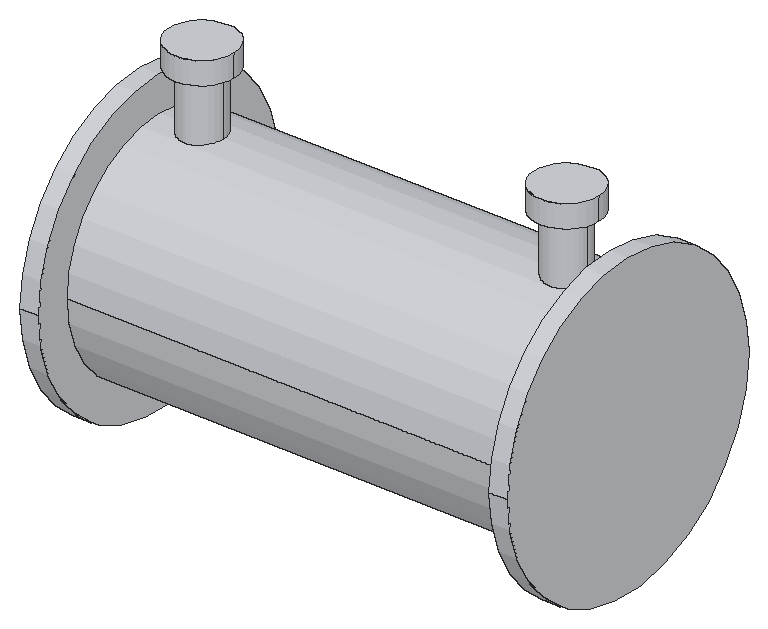
Revit family "M_Conexão de conduíte - Parafuso - Zinco fundido", category Conexões do conduite, Revit 2019
Family settings
  Cota do conector redondo = Usar raio
  Tipo de parte = União
  Número OmniClass = 23.80.30.17.11
  Título OmniClass = Conduits
  ID de item do Seek = Conduit Coupling - Set Screw - Die Cast Zinc-0000-CAN-ENU
  Com base no plano de trabalho = Não
  Sempre na vertical = Sim
  Corte com vazios quando carregada = Não
  Compartilhado = Não
Parameters (values of type "Padrão")
  Raio 2 [instance] = 0.75 * Comprimento 1  # 2.551 mm
  Raio 1 [instance] = 0.5 * Comprimento 1  # 1.701 mm
  Raio nominal [instance] = 8 mm
  Diâmetro nominal [instance] = Raio nominal * 2  # 16 mm
  Comprimento 3 [instance] = 1.3 * Raio externo final  # 15.478 mm
  Comprimento 2 [instance] = 0.15 * Raio externo final  # 1.786 mm
  Comprimento 1 [instance] = Diâmetro externo final / 7  # 3.402 mm
  Espessura final [instance] = Diâmetro externo final * 0.06  # 1.429 mm
  Raio externo final [instance] = Diâmetro externo final / 2  # 11.906 mm
  Diâmetro externo final [instance] = size_lookup(Pesquisa de tamanho de conduite, "EOD", 1.22 * Diâmetro nominal + 6.35 mm, Diâmetro nominal)  # 23.813 mm
  Raio externo da conexão [instance] = Diâmetro externo da conexão / 2  # 9.128 mm
  Diâmetro externo da conexão [instance] = size_lookup(Pesquisa de tamanho de conduite, "FOD", 1.11 * Diâmetro nominal + 2.58 mm, Diâmetro nominal)  # 18.256 mm
  Comprimento [instance] = size_lookup(Pesquisa de tamanho de conduite, "Lgt", 1.15 * Diâmetro nominal + 26.69 mm, Diâmetro nominal)  # 38.497 mm
  Pesquisa de tamanho de conduite = "M_Conduit Coupling - Set Screw - Die Cast Zinc"
Reference planes
  plane 1 "Centro (Frente/Trás)": y = 0
  plane 2: z = 0
  plane 3 "Centro (Esquerda/Direita)": x = 0
  plane 4: x = 38.497
  plane 5: x = 19.248
  plane 6: x = 1.429
  plane 7: x = 37.068
  plane 8: z = 15.478
  plane 9: z = 13.692
  plane 10: x = 4.831
  plane 11: x = 33.666
Forms (mm)
  Extrusion 1, solid, detail levels fine
    sketch origin (0, 0, 0) x (1, 0, 0) y (0, 1, 0)
      loop
        circle (4.831, 0) r 1.701
      loop
        circle (33.666, 0) r 1.701
    from 0 to 13.692
  Extrusion 2, solid, detail levels fine
    sketch origin (0, 0, 0) x (1, 0, 0) y (0, 1, 0)
      loop
        circle (4.831, 0) r 2.551
      loop
        circle (33.666, 0) r 2.551
    from 13.692 to 15.478
  Extrusion 3, solid, detail levels fine
    sketch origin (0, 0, 0) x (0, 1, 0) y (0, 0, 1)
      loop
        circle (0, 0) r 11.906
    from 0 to 1.429
  Extrusion 4, solid, detail levels fine
    sketch origin (0, 0, 0) x (0, 1, 0) y (0, 0, 1)
      loop
        circle (0, 0) r 11.906
    from 37.068 to 38.497
  Extrusion 5, solid, detail levels fine
    sketch origin (0, 0, 0) x (0, 1, 0) y (0, 0, 1)
      loop
        circle (0, 0) r 9.128
    from 1.429 to 37.068
Cuts and joins
  joined: Extrusion 1, Extrusion 2, Extrusion 3, Extrusion 4, Extrusion 5
Lines and regions (mm)
  model lines, detail levels coarse+medium
    curve 1: line (0, 0, 0) -> (38.497, 0, 0)
Dimensions and locks
  "Comprimento": plane 3 "Centro (Esquerda/Direita)" to plane 4
  equal spacing: plane 3 "Centro (Esquerda/Direita)", plane 5, plane 4
  "Espessura final": plane 3 "Centro (Esquerda/Direita)" to plane 6
  "Espessura final": plane 7 to plane 4
  "Comprimento 3": level to plane 8
  "Comprimento 2": plane 9 to plane 8
  "Comprimento 1": plane 6 to plane 10
  "Comprimento 1": plane 11 to plane 7
  "Raio 1": radius of Extrusion 1 sketch curve  (x2)
  "Raio 2": radius of Extrusion 2 sketch curve  (x2)
  "Raio externo final": radius of Extrusion 3 sketch curve
  "Raio externo final": radius of Extrusion 4 sketch curve
  "Raio externo da conexão": radius of Extrusion 5 sketch curve
  aligned and locked: plane 1 "Centro (Frente/Trás)" to curve 1
  aligned and locked: plane 3 "Centro (Esquerda/Direita)" to curve 1
  aligned and locked: plane 4 to curve 1
  aligned and locked: plane 1 "Centro (Frente/Trás)" to Extrusion 1 sketch curve
  aligned and locked: plane 10 to Extrusion 1 sketch curve
  aligned and locked: plane 11 to Extrusion 1 sketch curve
  aligned and locked: Extrusion 1 to level
  aligned and locked: Extrusion 1 to plane 9
  aligned and locked: plane 1 "Centro (Frente/Trás)" to Extrusion 2 sketch curve  (x2)
  aligned and locked: plane 11 to Extrusion 2 sketch curve
  aligned and locked: plane 10 to Extrusion 2 sketch curve
  aligned and locked: plane 9 to Extrusion 2
  aligned and locked: plane 8 to Extrusion 2
  aligned and locked: plane 2 to Extrusion 3 sketch curve
  aligned and locked: plane 1 "Centro (Frente/Trás)" to Extrusion 3 sketch curve
  aligned and locked: Extrusion 3 to plane 3 "Centro (Esquerda/Direita)"
  aligned and locked: plane 6 to Extrusion 3
  aligned and locked: plane 1 "Centro (Frente/Trás)" to Extrusion 4 sketch curve
  aligned and locked: plane 2 to Extrusion 4 sketch curve
  aligned and locked: plane 4 to Extrusion 4
  aligned and locked: Extrusion 4 to plane 7
  aligned and locked: plane 1 "Centro (Frente/Trás)" to Extrusion 5 sketch curve
  aligned and locked: plane 2 to Extrusion 5 sketch curve
  aligned and locked: Extrusion 5 to Extrusion 3
  aligned and locked: Extrusion 5 to Extrusion 4
Automatic sketch dimensions
  plane 1 "Centro (Frente/Trás)" to Extrusion 1 sketch curve = 0 mm
Connectors
  cabletrayconduit at (0, 0, 0), diameter 16, driven by "Raio nominal"
    settings: on cut or joined group of Extrusion 1, Extrusion 2, Extrusion 3, Extrusion 4, Extrusion 5, index 1, connector width 300 mm, connector height 300 mm, connector angle 0.00°, system type 32, placement type 0, profile type 0, connector reference index 2, is primary connector yes, connector utility param no, connector description ""
  cabletrayconduit at (38.497, 0, 0), diameter 16, driven by "Raio nominal"
    settings: on cut or joined group of Extrusion 1, Extrusion 2, Extrusion 3, Extrusion 4, Extrusion 5, index 2, connector width 300 mm, connector height 300 mm, connector angle 0.00°, system type 32, placement type 0, profile type 0, connector reference index 1, is primary connector no, connector utility param no, connector description ""
